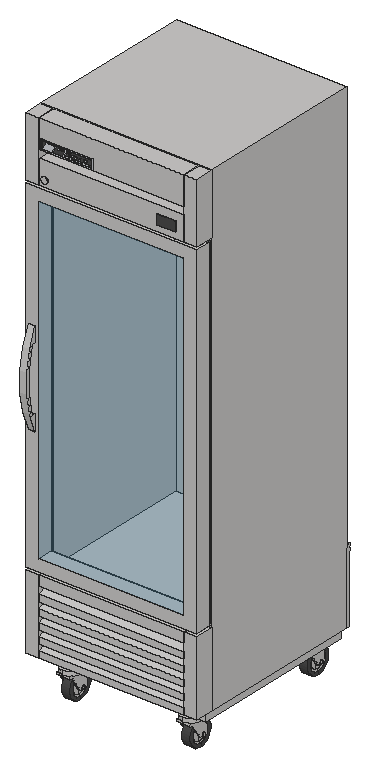
Revit family "QF_TRUE_TS-23FG-HC~FGD01", category Specialty Equipment, Revit 2015
Parameters
  Weight in Pounds = 330
  Watts = Volts * FL Amps  # 713 W
  Volts = 115 V
  URL Cutsheet = "www.truemfg.com"
  URL = "www.truemfg.com"
  Specification by User = ""
  Specification by Manufacturer = ""
  Show Clearance [instance] = yes
  Show 6 Inches Standard Legs [instance] = no
  Show 6 Inches Seismic Flanged Legs [instance] = no
  6 Inches Seismic Flanged Legs [instance] = and(Show 6 Inches Seismic Flanged Legs, not(Show 5.25 Inches Castors))  # no
  Show Logo [instance] = yes
  Serial Number = ""
  Seismic Rating = ""
  SMACNA No = ""
  Revision Code = ""
  Phase = 1
  Overall Height [instance] = Body Height + Base Height  # 83 11/16"
  Number of Poles = 1
  NAFEM Spec ID Number = ""
  Model = "TS-23FG-HC~FGD01"
  Min Ckt Ampacity = 0 A
  Max Overcurrent Protection = 0 A
  Masterspec = ""
  Manufacturer = "TRUE"
  Length = 27"
  Item Number = ""
  Installed By = ""
  Identify Quantity as Lot = yes
  Height = 83 11/16"
  HP = "3/4"
  Furnished By = ""
  Foodservice Equipment Identifier = yes
  FL Amps = 6.2 A
  Electrical Remarks = ""
  Electric Connection Type = ""
  Elec Conn RI Height = 0"
  Elec Conn Connection Height = 0"
  Description = "REACH-IN GLASS SWING DOOR STAINLESS STEEL FREEZER WITH HYDROCARBON REFRIGERANT~FRAMED GLASS DOOR VERSION 01"
  Depth = 29 3/4"
  Cycle = 60 Hz
  Conn Plug = "NEMA 5-15P"
  Conn Conduit = yes
  CSI MasterFormat = ""
  Body Height = 78 7/16"
  Base Height [instance] = if(Show 5.25 Inches Castors, 5 1/4", 6")  # 5 1/4"
  Apparent Power = 0 VA
  6 Inches Standard Legs [instance] = and(Show 6 Inches Standard Legs, not(Show 5.25 Inches Castors))  # no
  Show 5.25 Inches Castors [instance] = if(Show 6 Inches Seismic Flanged Legs, Show 6 Inches Standard Legs, not(Show 6 Inches Standard Legs))  # yes
Reference planes (in)
  plane 1 "BACK": y = 0
  plane 2: z = 0
  plane 3 "LEFT": x = 0
  plane 4 "RIGHT": x = 27
  plane 5 "FRONT": y = -29.75
  plane 6 "TOP": z = 83.6875
  plane 7 "Center Y": x = 13.5
  plane 8 "Center X": y = -14.875
  plane 9: z = 5.25
Dimensions and locks (in)
  equal spacing: plane 3 "LEFT", plane 7 "Center Y", plane 4 "RIGHT"
  "Length": plane 3 "LEFT" to plane 4 "RIGHT"
  equal spacing: plane 5 "FRONT", plane 8 "Center X", plane 1 "BACK"
  "Depth": plane 5 "FRONT" to plane 1 "BACK"
  "Overall Height": plane 6 "TOP" to level
  plane 3 "LEFT" to plane 4 "RIGHT" = 27"
  "Base Height": plane 9 to level
  "Body Height": nested 5 to plane 9
  nested 5 to plane 1 "BACK" = 15/32"
  nested 5 to nested 5 = 1 13/16"
  nested 5 to nested 5 = 32 1/32"
  aligned and locked: level to plane 2
  aligned and locked: nested 5 to plane 9
Nested families (in)
  nested 1: "CASTER-LEGS" at (4, -2.625, 0), Show 5" Casters <- "Show 5.25 Inches Castors", Show 6 Inches Legs <- "6 Inches Standard Legs", Show Siesmic Flanged <- "6 Inches Seismic Flanged Legs", type "Caster-Legs"
    with Type Mark "", Status "", Specification by User "", Show Siesmic Flanged no, Show 6" Casters no, Show 6 Inches Legs no, Show 5" Casters yes, Show 4" Casters no, Show 2.5 Standard Legs no, Show 2.5 Casters no, Revision Code "", Low Profile no, Item Number "", Installed By "", Identify Quantity as Lot yes, Furnished By "", Foodservice Equipment Identifier yes
  nested 2: "CASTER-LEGS" at (4, -25.875, 0), Show 5" Casters <- "Show 5.25 Inches Castors", Show 6 Inches Legs <- "6 Inches Standard Legs", Show Siesmic Flanged <- "6 Inches Seismic Flanged Legs", type "Caster-Legs"
    with Type Mark "", Status "", Specification by User "", Show Siesmic Flanged no, Show 6" Casters no, Show 6 Inches Legs no, Show 5" Casters yes, Show 4" Casters no, Show 2.5 Standard Legs no, Show 2.5 Casters no, Revision Code "", Low Profile no, Item Number "", Installed By "", Identify Quantity as Lot yes, Furnished By "", Foodservice Equipment Identifier yes
  nested 3: "CASTER-LEGS" at (23, -2.625, 0), Show 5" Casters <- "Show 5.25 Inches Castors", Show 6 Inches Legs <- "6 Inches Standard Legs", Show Siesmic Flanged <- "6 Inches Seismic Flanged Legs", type "Caster-Legs"
    with Type Mark "", Status "", Specification by User "", Show Siesmic Flanged no, Show 6" Casters no, Show 6 Inches Legs no, Show 5" Casters yes, Show 4" Casters no, Show 2.5 Standard Legs no, Show 2.5 Casters no, Revision Code "", Low Profile no, Item Number "", Installed By "", Identify Quantity as Lot yes, Furnished By "", Foodservice Equipment Identifier yes
  nested 4: "CASTER-LEGS" at (23, -25.875, 0), Show 5" Casters <- "Show 5.25 Inches Castors", Show 6 Inches Legs <- "6 Inches Standard Legs", Show Siesmic Flanged <- "6 Inches Seismic Flanged Legs", type "Caster-Legs"
    with Type Mark "", Status "", Specification by User "", Show Siesmic Flanged no, Show 6" Casters no, Show 6 Inches Legs no, Show 5" Casters yes, Show 4" Casters no, Show 2.5 Standard Legs no, Show 2.5 Casters no, Revision Code "", Low Profile no, Item Number "", Installed By "", Identify Quantity as Lot yes, Furnished By "", Foodservice Equipment Identifier yes
  nested 5: "TS-23-FG-HC-FGD01" at (0, 0, 0), Show Clearance <- "Show Clearance", Show Logo <- "Show Logo", type "TS-23-FG-HC-FGD01"
    with Show Logo yes, Material and Finishes QF_Metal - Stainless - Polished
Connectors (in)
  electrical at (13.5, 0.5, 14.875), driven by "Volts", driven by "Watts"
    settings: on nested 5, index 1, voltage 115 V, apparent load 713 VA, apparent load phase1 0 VA, apparent load phase2 0 VA, apparent load phase3 0 VA, power factor 1, load classification "Other", number of poles 1, system type 30, power factor state 1, is connector primary yes, connector utility no, sub classification motor no, connector description "ELECTRICAL CONNECTION"
Definition of nested family "CASTER-LEGS"
  Parameters (values of type "CASTER-LEGS")
    Weight = ""
    URL Manufacturer = ""
    URL Cutsheet = ""
    URL = ""
    Type Mark [instance] = ""
    Status [instance] = ""
    Specification by User [instance] = ""
    Specification by Manufacturer = ""
    Show Siesmic Flanged [instance] = yes
    Show 6 Inches Legs [instance] = yes
    Show 6" Casters [instance] = yes
    Show 5" Casters [instance] = yes
    Show 4" Casters [instance] = yes
    Show 2.5 Standard Legs [instance] = yes
    Show 2.5 Casters [instance] = yes
    Serial Number = ""
    Seismic Rating = ""
    SMACNA No = ""
    Revision Code [instance] = ""
    Omniclass Number and Title = ""
    NAFEM Spec ID Number = ""
    Model = ""
    MasterSpec. = ""
    Manufacturer = ""
    Low Profile [instance] = yes
    Item Number [instance] = ""
    Installed By [instance] = ""
    Identify Quantity as Lot [instance] = yes
    Furnished By [instance] = ""
    Foodservice Equipment Identifier [instance] = yes
    Description = ""
    CSI MasterFormat = ""
    CSI Master Format = ""
    Assembly Code = ""
  Reference planes (in)
    plane 1: z = 0
    plane 2 "RIGHT": x = 0
    plane 3 "FRONT": y = 0
    plane 4 "TOP": z = 6
    plane 5: z = 2.125
    plane 6: z = 2.5
    plane 7: z = 6.25
  Forms (in)
    Revolve 1, solid, visible <- "Show 6 Inches Legs"
      sketch origin (11.12172, 0, 0) x (-1, 0, 0) y (0, 0, -1)
        loop
          line (11.12172, -6) -> (11.12172, 0) -> (10.62172, 0) -> (10.62172, -1.30261) -> (10.37172, -1.30261) -> (10.37172, -6) -> (11.12172, -6)
        axis (11.12172, 0) -> (11.12172, -6)
      angle from 0 to 360
    Extrusion 2, solid, visible <- "Show Siesmic Flanged"
      sketch origin (0, 0, 0) x (1, 0, 0) y (0, 1, 0)
        loop
          circle (-0.00825, 0) r 1
      from 0 to 0.125
    Revolve 3, solid, visible <- "Show Siesmic Flanged"
      sketch origin (11.12172, 0, 0) x (-1, 0, 0) y (0, 0, -1)
        loop
          line (11.12172, -6) -> (11.12172, -0.125) -> (10.62172, -0.125) -> (10.62172, -1.30261) -> (10.37172, -1.30261) -> (10.37172, -6) -> (11.12172, -6)
        axis (11.12172, -0.125) -> (11.12172, -6)
      angle from 0 to 360
    Revolve 4, solid, visible <- "Show 2.5 Standard Legs"
      sketch origin (11.12172, 0, 0) x (-1, 0, 0) y (0, 0, -1)
        loop
          line (11.12172, -2.5) -> (11.12172, 0) -> (10.62172, 0) -> (10.62172, -0.75) -> (10.37172, -0.75) -> (10.37172, -2.5) -> (11.12172, -2.5)
        axis (11.12172, 0) -> (11.12172, -2.5)
      angle from 0 to 360
  Dimensions and locks (in)
    plane 4 "TOP" to level = 6"  (x2)
    locked: Revolve 1 sketch curve to Revolve 1 sketch curve at 1.30261
    locked: Revolve 1 sketch curve to Revolve 1 sketch curve at 0.75
    nested 1 to level = 5"
    plane 6 to plane 1 = 2 1/2"
    plane 5 to plane 1 = 2 1/8"
    plane 7 to plane 1 = 6 1/4"
    locked: Revolve 3 sketch curve to Revolve 3 sketch curve at 0.75
    aligned and locked: level to plane 1
  Nested families (in)
    nested 1: "PITCO_5 INCHES CASTER" at (0, 0, 0), Show Casters <- "Show 5" Casters", type "PITCO_5 INCHES CASTER"
      with Type Mark "", Status "", Specification by User "", Show Casters yes, Revision Code "", Item Number "", Installed By "", Identify Quantity as Lot yes, Furnished By "", Foodservice Equipment Identifier yes
    nested 2: "2.13" at (0, 0, 0), 2.5 Inches Caster <- "Low Profile", type "2.13"
      with Type Mark "", Status "", Specification by User "", Revision Code "", Item Number "", Installed By "", Identify Quantity as Lot yes, Furnished By "", Foodservice Equipment Identifier yes, 2.5 Inches Caster yes
    nested 3: "C4" at (0, 0, 0), Show 4 Inches Casters <- "Show 4" Casters", type "C4"
      with Type Mark "", Specification by User "", Show 4 Inches Casters yes, Revision Code "", Item Number "", Installed By "", Identify Quantity as Lot yes, Furnished By "", Foodservice Equipment Identifier yes
    nested 4: "6 Inches Leg & Caster" at (0, 0, 0), Show Casters <- "Show 6" Casters", type "6 Inches Leg & Caster"
      with Type Mark "", Status "", Specification by User "", Show Casters yes, Revision Code "", Item Number "", Installed By "", Identify Quantity as Lot yes, Furnished By "", Foodservice Equipment Identifier yes
    nested 5: "C2.5" at (0, -0.86941, 0), 2.5 Inches Caster <- "Show 2.5 Casters", type "C2.5"
      with Type Mark "", Status "", Specification by User "", Revision Code "", Item Number "", Installed By "", Identify Quantity as Lot yes, Furnished By "", Foodservice Equipment Identifier yes, 2.5 Inches Caster yes
  Definition of nested family "PITCO_5 INCHES CASTER"
    Parameters (values of type "PITCO_5 INCHES CASTER")
      Weight = ""
      URL Manufacturer = ""
      URL Cutsheet = ""
      URL = ""
      Type Mark [instance] = ""
      Status [instance] = ""
      Specification by User [instance] = ""
      Specification by Manufacturer = ""
      Show Casters [instance] = yes
      Rubber = none
      Chrome = none
      Serial Number = ""
      Seismic Rating = ""
      SMACNA No = ""
      Revision Code [instance] = ""
      Omniclass Number and Title = ""
      NAFEM Spec ID Number = ""
      Model = ""
      MasterSpec. = ""
      Manufacturer = ""
      Item Number [instance] = ""
      Installed By [instance] = ""
      Identify Quantity as Lot [instance] = yes
      Furnished By [instance] = ""
      Foodservice Equipment Identifier [instance] = yes
      Description = ""
      CSI MasterFormat = ""
      CSI Master Format = ""
      Assembly Code = ""
    Reference planes (in)
      plane 1: z = 0
      plane 2 "RIGHT": x = 0
      plane 3 "FRONT": y = 0
      plane 4 "TOP": z = 5
      plane 5: z = 5.0625
    Forms (in)
      Revolve 1, solid, visible <- "Show Casters"
        sketch origin (-180, 1.0625, -34.67466) x (0, 0, -1) y (-1, 0, 0)
          loop
            line (-34.67466, -180.64009) -> (-34.67466, -179.35991) -> (-35.17466, -179.35991) -> (-35.17466, -179.48491) -> (-35.42466, -179.48491) -> (-35.42466, -179.64009) -> (-36.48519, -179.60306) -> (-36.48519, -178.85852) -> (-36.5316, -178.85852) -> (-36.5316, -178.71719) -> (-36.70591, -178.71719) -> (-36.70591, -181.28281) -> (-36.5316, -181.28281) -> (-36.5316, -181.14148) -> (-36.48519, -181.14148) -> (-36.48519, -180.39694) -> (-35.42466, -180.35991) -> (-35.42466, -180.51509) -> (-35.17466, -180.51509) -> (-35.17466, -180.64009) -> (-34.67466, -180.64009)
          axis (-36.70591, -181.28281) -> (-36.70591, -178.71719)
        angle from 0 to 360
      Extrusion 2, solid, visible <- "Show Casters"
        sketch origin (0, 0, -1.11142) x (0, -1, 0) y (1, 0, 0)
          loop
            circle (0, 0) r 1.5
        from 5.61142 to 6.17392
      Extrusion 3, solid, visible <- "Show Casters"
        sketch origin (0, 0, 0.289) x (0, -1, 0) y (0, 0, 1)
          loop
            arc (0.91808, 3.59427) -> (1.13645, 3.7909) -> (1.42156, 3.86198) r 0.60732
            line (1.42156, 3.86198) -> (1.46208, 3.86198) -> (1.43155, 4.211) -> (-1.43155, 4.211)
            arc (-1.43155, 4.211) -> (-1.62474, 4.13098) -> (-1.70476, 3.93778) r 0.27322
            line (-1.70476, 3.93778) -> (-1.70476, 3.78861) -> (-1.76351, 2.11371) -> (-1.82446, 1.68005)
            arc (-1.82446, 1.68005) -> (-1.73191, 1.41127) -> (-1.46007, 1.32816) r 0.31307
            line (-1.46007, 1.32816) -> (-0.60834, 1.47835)
            arc (-0.60834, 1.47835) -> (-0.50841, 1.51771) -> (-0.43181, 1.59299) r 0.26936
            line (-0.43181, 1.59299) -> (0.91808, 3.59427)
        from 0.84601 to 1.05998
      Extrusion 4, solid, visible <- "Show Casters"
        sketch origin (0, 0, -0.82242) x (0, -1, 0) y (0, 0, -1)
          loop
            line (1.43155, -5.32242) -> (1.46208, -4.9734) -> (1.42156, -4.9734)
            arc (1.42156, -4.9734) -> (1.13645, -4.90232) -> (0.91808, -4.70569) r 0.60732
            line (0.91808, -4.70569) -> (-0.43181, -2.70441)
            arc (-0.43181, -2.70441) -> (-0.50841, -2.62913) -> (-0.60834, -2.58977) r 0.26936
            line (-0.60834, -2.58977) -> (-1.46007, -2.43958)
            arc (-1.46007, -2.43958) -> (-1.73191, -2.52269) -> (-1.82446, -2.79147) r 0.31307
            line (-1.82446, -2.79147) -> (-1.76351, -3.22513) -> (-1.70476, -4.90003) -> (-1.70476, -5.0492)
            arc (-1.70476, -5.0492) -> (-1.62474, -5.2424) -> (-1.43155, -5.32242) r 0.27322
            line (-1.43155, -5.32242) -> (1.43155, -5.32242)
        from 0.84601 to 1.05998
      Extrusion 5, solid, visible <- "Show Casters"
        sketch origin (-0.84601, 0, 0.289) x (0, 1, 0) y (0, 0, 1)
          loop
            line (1.43155, 4.211) -> (-1.43155, 4.211) -> (-1.46208, 3.86198) -> (-1.42156, 3.86198)
            arc (-1.42156, 3.86198) -> (-1.13645, 3.7909) -> (-0.91808, 3.59427) r 0.60732
            arc (-0.91808, 3.59427) -> (0.37927, 3.88135) -> (1.70476, 3.78861) r 4.63574
            line (1.70476, 3.78861) -> (1.70476, 3.93778)
            arc (1.70476, 3.93778) -> (1.62474, 4.13098) -> (1.43155, 4.211) r 0.27322
        from 0 to 1.69203
    Cuts and joins
      joined: Extrusion 3, Extrusion 4, Extrusion 5
    Lines and regions (in)
      symbolic lines, visible <- "Show Casters"
        curve 1: line (0.70901, 2.6399, 0) -> (1.79507, 2.01286, 0)
        curve 2: line (-1.79099, -1.69023, 0) -> (0.70901, 2.6399, 0)
        curve 3: line (-0.70493, -2.31727, 0) -> (-1.79099, -1.69023, 0)
        curve 4: line (1.79507, 2.01286, 0) -> (-0.70493, -2.31727, 0)
    Dimensions and locks (in)
      plane 4 "TOP" to level = 5"  (x2)
      plane 5 to level = 5 1/16"
      aligned and locked: level to plane 1
  Definition of nested family "2.13"
    Parameters
      Weight = ""
      URL Manufacturer = ""
      URL Cutsheet = ""
      URL = ""
      Type Mark [instance] = ""
      Status [instance] = ""
      Specification by User [instance] = ""
      Specification by Manufacturer = ""
      Serial Number = ""
      Seismic Rating = ""
      SMACNA No = ""
      Revision Code [instance] = ""
      Omniclass Number and Title = ""
      NAFEM Spec ID Number = ""
      Model = ""
      MasterSpec. = ""
      Manufacturer = ""
      Item Number [instance] = ""
      Installed By [instance] = ""
      Identify Quantity as Lot [instance] = yes
      Furnished By [instance] = ""
      Foodservice Equipment Identifier [instance] = yes
      Description = ""
      CSI MasterFormat = ""
      CSI Master Format = ""
      Assembly Code = ""
      2.5 Inches Caster [instance] = yes
    Reference planes (in)
      plane 1: z = 0
      plane 2 "RIGHT": x = 0
      plane 3 "FRONT": y = 0
      plane 4 "TOP": z = 2.125
    Forms (in)
      Revolve 1, solid, visible <- "2.5 Inches Caster"
        sketch origin (-1.93794, 0.83816, -1.0041) x (1, 0, 0) y (0, 0, 1)
          loop
            line (0.74055, 1.76972) -> (0.74055, 1.69422) -> (0.79055, 1.64422) -> (0.85055, 1.64422) -> (0.85055, 1.52415) -> (1.235, 1.52415) -> (1.235, 1.4568) -> (1.38673, 1.3692) -> (1.4003, 1.28535) -> (1.34375, 1.28535) -> (1.34375, 1.16035) -> (1.375, 1.16035) -> (1.375, 1.0041) -> (1.87544, 1.0041) -> (1.87544, 1.52415) -> (2.00044, 1.52415) -> (2.00044, 1.0041) -> (2.48438, 1.0041) -> (2.48438, 1.16035) -> (2.51563, 1.16035) -> (2.51563, 1.28535) -> (2.45908, 1.28535) -> (2.47322, 1.37272) -> (2.62438, 1.45999) -> (2.62438, 1.52415) -> (3.04007, 1.52415) -> (3.04007, 1.64422) -> (3.10007, 1.64422) -> (3.15007, 1.69422) -> (3.15007, 1.76972) -> (0.74055, 1.76972)
          axis (0.74055, 1.76972) -> (3.15007, 1.76972)
        angle from 0 to 360
      Extrusion 2, solid, visible <- "2.5 Inches Caster"
        sketch origin (-1.93794, 1.80294, -3.6291) x (0, 1, 0) y (0, 0, 1)
          loop
            line (-0.64294, 5.43229) -> (-0.64294, 5.55298) -> (-2.21294, 5.55298) -> (-2.21294, 5.30272) -> (-1.81966, 5.30272)
            arc (-1.81966, 5.30272) -> (-1.13638, 5.20789) -> (-0.46376, 5.05475) r 8.02767
            arc (-0.46376, 5.05475) -> (-0.19511, 4.95469) -> (0.05138, 4.80832) r 1.60049
            line (0.05138, 4.80832) -> (0.12713, 4.91318)
            arc (0.12713, 4.91318) -> (-0.07255, 5.06376) -> (-0.29048, 5.18644) r 1.8753
            line (-0.29048, 5.18644) -> (-0.22239, 5.30423)
            arc (-0.22239, 5.30423) -> (-0.42776, 5.38437) -> (-0.64294, 5.43229) r 1.44292
        from 1.17357 to 2.70231
      Revolve 3, solid, visible <- "2.5 Inches Caster"
        sketch origin (0, 2.10856, -4.125) x (0, 1, 0) y (0, 0, 1)
          loop
            line (-1.73858, 6.25) -> (-1.73858, 6.04889) -> (-1.05793, 6.04889) -> (-1.05793, 6.25) -> (-1.73858, 6.25)
          axis (-1.73858, 6.04889) -> (-1.73858, 6.25)
        angle from 0 to 360
      Extrusion 4, solid, visible <- "2.5 Inches Caster"
        sketch origin (-1.98481, 1.80294, -2.1291) x (0, 1, 0) y (0, 0, 1)
          loop
            line (-2.21294, 4.05298) -> (-2.21294, 3.80272) -> (-2.13999, 3.80272)
            arc (-2.13999, 3.80272) -> (-1.62379, 3.51899) -> (-1.39241, 2.97729) r 0.90292
            arc (-1.39241, 2.97729) -> (-1.36136, 2.78161) -> (-1.29729, 2.59413) r 1.15385
            arc (-1.29729, 2.59413) -> (-0.94802, 2.37355) -> (-0.6121, 2.61396) r 0.37001
            arc (-0.6121, 2.61396) -> (-0.59625, 2.66241) -> (-0.58446, 2.712) r 0.61695
            arc (-0.58446, 2.712) -> (-0.36134, 3.11665) -> (0.05609, 3.31484) r 0.75313
            line (0.05609, 3.31484) -> (0.12713, 3.41318)
            arc (0.12713, 3.41318) -> (-0.07255, 3.56376) -> (-0.29048, 3.68644) r 1.8753
            line (-0.29048, 3.68644) -> (-0.22239, 3.80423)
            arc (-0.22239, 3.80423) -> (-0.42776, 3.88437) -> (-0.64294, 3.93229) r 1.44292
            line (-0.64294, 3.93229) -> (-0.64294, 4.05298) -> (-2.21294, 4.05298)
        from 2.74918 to 2.90825
      Extrusion 5, solid, visible <- "2.5 Inches Caster"
        sketch origin (1.98481, 1.80294, -2.1291) x (0, 1, 0) y (0, 0, -1)
          loop
            line (-2.21294, -4.05298) -> (-0.64294, -4.05298) -> (-0.64294, -3.93229)
            arc (-0.64294, -3.93229) -> (-0.42776, -3.88437) -> (-0.22239, -3.80423) r 1.44292
            line (-0.22239, -3.80423) -> (-0.29048, -3.68644)
            arc (-0.29048, -3.68644) -> (-0.07255, -3.56376) -> (0.12713, -3.41318) r 1.8753
            line (0.12713, -3.41318) -> (0.05609, -3.31484)
            arc (0.05609, -3.31484) -> (-0.36134, -3.11665) -> (-0.58446, -2.712) r 0.75313
            arc (-0.58446, -2.712) -> (-0.59625, -2.66241) -> (-0.6121, -2.61396) r 0.61695
            arc (-0.6121, -2.61396) -> (-0.94802, -2.37355) -> (-1.29729, -2.59413) r 0.37001
            arc (-1.29729, -2.59413) -> (-1.36136, -2.78161) -> (-1.39241, -2.97729) r 1.15385
            arc (-1.39241, -2.97729) -> (-1.62379, -3.51899) -> (-2.13999, -3.80272) r 0.90292
            line (-2.13999, -3.80272) -> (-2.21294, -3.80272) -> (-2.21294, -4.05298)
        from 2.74918 to 2.90825
    Lines and regions (in)
      symbolic lines, visible <- "2.5 Inches Caster"
        curve 1: line (0.10651, 1.27186, 0) -> (0.80944, 0.86603, 0)
        curve 2: line (-0.89349, -0.46019, 0) -> (0.10651, 1.27186, 0)
        curve 3: line (-0.19056, -0.86603, 0) -> (-0.89349, -0.46019, 0)
        curve 4: line (0.80944, 0.86603, 0) -> (-0.19056, -0.86603, 0)
    Dimensions and locks (in)
      plane 4 "TOP" to level = 2 1/8"  (x2)
      aligned and locked: level to plane 1
  Definition of nested family "C4"
    Parameters
      Weight = ""
      URL Manufacturer = ""
      URL Cutsheet = ""
      URL = ""
      Type Mark [instance] = ""
      Specification by User [instance] = ""
      Specification by Manufacturer = ""
      Show 4 Inches Casters [instance] = yes
      Serial Number = ""
      Seismic Rating = ""
      SMACNA No = ""
      Revision Code [instance] = ""
      Omniclass Number and Title = ""
      NAFEM Spec ID Number = ""
      Model = ""
      MasterSpec. = ""
      Manufacturer = ""
      Item Number [instance] = ""
      Installed By [instance] = ""
      Identify Quantity as Lot [instance] = yes
      Furnished By [instance] = ""
      Foodservice Equipment Identifier [instance] = yes
      Description = ""
      CSI MasterFormat = ""
      CSI Master Format = ""
      Assembly Code = ""
    Reference planes (in)
      plane 1: z = 0
      plane 2 "RIGHT": x = 0
      plane 3 "FRONT": y = 0
      plane 4 "TOP": z = 4
    Forms (in)
      Revolve 1, solid, visible <- "Show 4 Inches Casters"
        sketch origin (-1.93794, 0.83816, -1.0041) x (1, 0, 0) y (0, 0, 1)
          loop
            line (0.74055, 2.5041) -> (3.15007, 2.5041) -> (3.15007, 2.5796) -> (3.10007, 2.6296) -> (3.04007, 2.6296) -> (3.04007, 2.74967) -> (2.62438, 2.74967) -> (2.62438, 2.93884) -> (2.48438, 3.01967) -> (2.45908, 3.17597) -> (2.51563, 3.17597) -> (2.51563, 3.41035) -> (2.48438, 3.41035) -> (2.48438, 4.0041) -> (1.375, 4.0041) -> (1.375, 3.41035) -> (1.34375, 3.41035) -> (1.34375, 3.17597) -> (1.4003, 3.17597) -> (1.37557, 3.02318) -> (1.235, 2.94202) -> (1.235, 2.74967) -> (0.85055, 2.74967) -> (0.85055, 2.6296) -> (0.79055, 2.6296) -> (0.74055, 2.5796) -> (0.74055, 2.5041)
          axis (0.74055, 2.5041) -> (3.15007, 2.5041)
        angle from 0 to 360
      Extrusion 2, solid, visible <- "Show 4 Inches Casters"
        sketch origin (-1.93794, 1.80294, -1.7541) x (0, 1, 0) y (0, 0, 1)
          loop
            line (-3.08794, 5.33423) -> (-3.08794, 5.00584) -> (-2.69466, 5.00584)
            arc (-2.69466, 5.00584) -> (-1.57175, 4.94895) -> (-0.46376, 4.75787) r 9.36411
            arc (-0.46376, 4.75787) -> (-0.05889, 4.58436) -> (0.28335, 4.30705) r 1.60049
            line (0.28335, 4.30705) -> (0.34449, 4.39437)
            arc (0.34449, 4.39437) -> (0.12713, 4.6163) -> (-0.1239, 4.79931) r 1.8753
            line (-0.1239, 4.79931) -> (-0.05749, 4.91421)
            arc (-0.05749, 4.91421) -> (-0.33807, 5.05694) -> (-0.64294, 5.13542) r 1.44292
            line (-0.64294, 5.13542) -> (-0.64294, 5.33423) -> (-3.08794, 5.33423)
        from 1.1267 to 2.74918
      Revolve 3, solid, visible <- "Show 4 Inches Casters"
        sketch origin (0, 2.15543, -2.25) x (0, 1, 0) y (0, 0, 1)
          loop
            line (-2.21793, 6.25) -> (-2.21793, 5.83014) -> (-1.05793, 5.83014) -> (-1.05793, 6.25) -> (-2.21793, 6.25)
          axis (-2.21793, 5.83014) -> (-2.21793, 6.25)
        angle from 0 to 360
      Extrusion 4, solid, visible <- "Show 4 Inches Casters"
        sketch origin (-1.93794, 1.80294, -1.7541) x (0, 1, 0) y (0, 0, 1)
          loop
            line (-3.08794, 5.33423) -> (-3.08794, 5.00584) -> (-2.8913, 5.00584)
            arc (-2.8913, 5.00584) -> (-2.09118, 4.14057) -> (-1.45681, 3.14736) r 6.63355
            arc (-1.45681, 3.14736) -> (-0.85703, 2.75969) -> (-0.4561, 3.35069) r 0.5107
            arc (-0.4561, 3.35069) -> (-0.27092, 3.92503) -> (0.24034, 4.24562) r 0.88136
            line (0.24034, 4.24562) -> (0.34449, 4.39437)
            arc (0.34449, 4.39437) -> (0.12713, 4.6163) -> (-0.1239, 4.79931) r 1.8753
            line (-0.1239, 4.79931) -> (-0.05749, 4.91421)
            arc (-0.05749, 4.91421) -> (-0.33807, 5.05694) -> (-0.64294, 5.13542) r 1.44292
            line (-0.64294, 5.13542) -> (-0.64294, 5.33423) -> (-3.08794, 5.33423)
        from 2.74918 to 2.90825
      Extrusion 5, solid, visible <- "Show 4 Inches Casters"
        sketch origin (1.93794, 1.80294, -1.7541) x (0, 1, 0) y (0, 0, -1)
          loop
            line (-3.08794, -5.33423) -> (-0.64294, -5.33423) -> (-0.64294, -5.13542)
            arc (-0.64294, -5.13542) -> (-0.33807, -5.05694) -> (-0.05749, -4.91421) r 1.44292
            line (-0.05749, -4.91421) -> (-0.1239, -4.79931)
            arc (-0.1239, -4.79931) -> (0.12713, -4.6163) -> (0.34449, -4.39437) r 1.8753
            line (0.34449, -4.39437) -> (0.24034, -4.24562)
            arc (0.24034, -4.24562) -> (-0.27092, -3.92503) -> (-0.4561, -3.35069) r 0.88136
            arc (-0.4561, -3.35069) -> (-0.85703, -2.75969) -> (-1.45681, -3.14736) r 0.5107
            arc (-1.45681, -3.14736) -> (-2.09118, -4.14057) -> (-2.8913, -5.00584) r 6.63355
            line (-2.8913, -5.00584) -> (-3.08794, -5.00584) -> (-3.08794, -5.33423)
        from 2.74918 to 2.90825
    Cuts and joins
      joined: Extrusion 2, Extrusion 4, Extrusion 5
    Lines and regions (in)
      symbolic lines, visible <- "Show 4 Inches Casters"
        curve 1: line (0.28481, 1.83041, 0) -> (1.24556, 1.27572, 0)
        curve 2: line (-1.26206, -0.84886, 0) -> (0.28481, 1.83041, 0)
        curve 3: line (-0.30132, -1.40355, 0) -> (-1.26206, -0.84886, 0)
        curve 4: line (1.24556, 1.27572, 0) -> (-0.30132, -1.40355, 0)
    Dimensions and locks (in)
      plane 4 "TOP" to level = 4"  (x2)
      aligned and locked: level to plane 1
  Definition of nested family "6 Inches Leg & Caster"
    Parameters
      Weight = ""
      URL Manufacturer = ""
      URL Cutsheet = ""
      URL = ""
      Type Mark [instance] = ""
      Status [instance] = ""
      Specification by User [instance] = ""
      Specification by Manufacturer = ""
      Show Casters [instance] = yes
      Serial Number = ""
      Seismic Rating = ""
      SMACNA No = ""
      Revision Code [instance] = ""
      Omniclass Number and Title = ""
      NAFEM Spec ID Number = ""
      Model = ""
      MasterSpec. = ""
      Manufacturer = ""
      Item Number [instance] = ""
      Installed By [instance] = ""
      Identify Quantity as Lot [instance] = yes
      Furnished By [instance] = ""
      Foodservice Equipment Identifier [instance] = yes
      Description = ""
      CSI MasterFormat = ""
      CSI Master Format = ""
    Reference planes (in)
      plane 1 "BACK": y = 0
      plane 2: z = 0
      plane 3 "LEFT": x = 0
      plane 4 "RIGHT": x = 0
      plane 5 "FRONT": y = 0
      plane 6 "TOP": z = 6.25
    Forms (in)
      Revolve 1, solid, visible <- "Show Casters"
        sketch origin (-2.21793, 0, -0.25) x (-1, 0, 0) y (0, 0, 1)
          loop
            line (-2.21793, 6) -> (-2.21793, 5.55584) -> (-0.93693, 5.55584) -> (-0.93693, 6) -> (-2.21793, 6)
          axis (-2.21793, 5.55584) -> (-2.21793, 6)
        angle from 0 to 360
      Extrusion 2, solid, visible <- "Show Casters"
        sketch origin (0.25594, 2.21793, -0.1875) x (0, 1, 0) y (0, 0, 1)
          loop
            line (-3.37793, 5.49334) -> (-3.37793, 5.24334) -> (-1.63015, 2.08504)
            arc (-1.63015, 2.08504) -> (-0.63555, 1.74359) -> (-0.1951, 2.69848) r 0.78437
            line (-0.1951, 2.69848) -> (-1.06726, 5.49334) -> (-3.37793, 5.49334)
        from 0.78968 to 0.90247
      Extrusion 3, solid, visible <- "Show Casters"
        sketch origin (0, 0, 5.75) x (0, 1, 0) y (-1, 0, 0)
          loop
            circle (0, 0) r 0.75
        from 0 to 0.5
      Extrusion 4, solid, visible <- "Show Casters"
        sketch origin (-0.25594, 2.21793, -0.1875) x (0, 1, 0) y (0, 0, -1)
          loop
            line (-3.37793, -5.49334) -> (-1.06726, -5.49334) -> (-0.1951, -2.69848)
            arc (-0.1951, -2.69848) -> (-0.63555, -1.74359) -> (-1.63015, -2.08504) r 0.78437
            line (-1.63015, -2.08504) -> (-3.37793, -5.24334) -> (-3.37793, -5.49334)
        from 0.78968 to 0.90247
      Extrusion 5, solid, visible <- "Show Casters"
        sketch origin (0, 0, 0.75) x (0, 1, 0) y (0, 0, 1)
          loop
            line (-1.16, 4.55584) -> (-1.16, 4.30584) -> (1.15067, 4.30584) -> (1.15067, 4.55584) -> (-1.16, 4.55584)
        from -1.04562 to 1.04562
      Revolve 6, solid, visible <- "Show Casters"
        sketch origin (-1.9375, 1.23015, -0.12802) x (1, 0, 0) y (0, 0, 1)
          loop
            line (0.5843, 2.5041) -> (0.5843, 2.3661) -> (0.6343, 2.3161) -> (0.6943, 2.3161) -> (0.6943, 2.1804) -> (1.1725, 2.1804) -> (1.1725, 1.78493) -> (1.31307, 1.70377) -> (1.42647, 1.00302) -> (1.28125, 1.00302) -> (1.28125, 0.75302) -> (1.3125, 0.75302) -> (1.3125, 0.50302)
            arc (1.3125, 0.50302) -> (1.42233, 0.23785) -> (1.6875, 0.12802) r 0.375
            line (1.6875, 0.12802) -> (2.1875, 0.12802)
            arc (2.1875, 0.12802) -> (2.45267, 0.23785) -> (2.5625, 0.50302) r 0.375
            line (2.5625, 0.50302) -> (2.5625, 0.75302) -> (2.59375, 0.75302) -> (2.59375, 1.00302) -> (2.44853, 1.00302) -> (2.5625, 1.70728) -> (2.7025, 1.78811) -> (2.7025, 2.1804) -> (3.1807, 2.1804) -> (3.1807, 2.3161) -> (3.2407, 2.3161) -> (3.2907, 2.3661) -> (3.2907, 2.5041) -> (0.5843, 2.5041)
          axis (0.5843, 2.5041) -> (3.2907, 2.5041)
        angle from 0 to 360
    Cuts and joins
      joined: Extrusion 2, Extrusion 4, Extrusion 5
    Lines and regions (in)
      symbolic lines, visible <- "Show Casters"
        curve 1: line (0.46086, 2.04455, 0) -> (1.54339, 1.41955, 0)
        curve 2: line (-1.53914, -1.41955, 0) -> (0.46086, 2.04455, 0)
        curve 3: line (-0.45661, -2.04455, 0) -> (-1.53914, -1.41955, 0)
        curve 4: line (1.54339, 1.41955, 0) -> (-0.45661, -2.04455, 0)
    Dimensions and locks (in)
      plane 6 "TOP" to level = 6 1/4"  (x2)
      aligned and locked: level to plane 2
  Definition of nested family "C2.5"
    Parameters
      Weight = ""
      URL Manufacturer = ""
      URL Cutsheet = ""
      URL = ""
      Type Mark [instance] = ""
      Status [instance] = ""
      Specification by User [instance] = ""
      Specification by Manufacturer = ""
      Serial Number = ""
      Seismic Rating = ""
      SMACNA No = ""
      Revision Code [instance] = ""
      Omniclass Number and Title = ""
      NAFEM Spec ID Number = ""
      Model = ""
      MasterSpec. = ""
      Manufacturer = ""
      Item Number [instance] = ""
      Installed By [instance] = ""
      Identify Quantity as Lot [instance] = yes
      Furnished By [instance] = ""
      Foodservice Equipment Identifier [instance] = yes
      Description = ""
      CSI MasterFormat = ""
      CSI Master Format = ""
      Assembly Code = ""
      2.5 Inches Caster [instance] = yes
    Reference planes (in)
      plane 1: z = 0
      plane 2 "RIGHT": x = 0
      plane 3 "FRONT": y = 0
      plane 4 "TOP": z = 2.5
    Forms (in)
      Revolve 1, solid, visible <- "2.5 Inches Caster"
        sketch origin (-1.93794, 0.83816, -1.0041) x (1, 0, 0) y (0, 0, 1)
          loop
            line (0.74055, 1.92597) -> (0.74055, 1.85047) -> (0.79055, 1.80047) -> (0.85055, 1.80047) -> (0.85055, 1.6804) -> (1.235, 1.6804) -> (1.235, 1.61305) -> (1.38673, 1.52545) -> (1.4003, 1.4416) -> (1.34375, 1.4416) -> (1.34375, 1.3166) -> (1.375, 1.3166) -> (1.375, 1.0041) -> (2.48438, 1.0041) -> (2.48438, 1.3166) -> (2.51563, 1.3166) -> (2.51563, 1.4416) -> (2.45908, 1.4416) -> (2.47322, 1.52897) -> (2.62438, 1.61624) -> (2.62438, 1.6804) -> (3.04007, 1.6804) -> (3.04007, 1.80047) -> (3.10007, 1.80047) -> (3.15007, 1.85047) -> (3.15007, 1.92597) -> (0.74055, 1.92597)
          axis (0.74055, 1.92597) -> (3.15007, 1.92597)
        angle from 0 to 360
      Extrusion 2, solid, visible <- "2.5 Inches Caster"
        sketch origin (-1.93794, 1.80294, -3.2541) x (0, 1, 0) y (0, 0, 1)
          loop
            line (-0.64294, 5.43229) -> (-0.64294, 5.55298) -> (-2.21294, 5.55298) -> (-2.21294, 5.30272) -> (-1.81966, 5.30272)
            arc (-1.81966, 5.30272) -> (-1.13638, 5.20789) -> (-0.46376, 5.05475) r 8.02767
            arc (-0.46376, 5.05475) -> (-0.19511, 4.95469) -> (0.05138, 4.80832) r 1.60049
            line (0.05138, 4.80832) -> (0.12713, 4.91318)
            arc (0.12713, 4.91318) -> (-0.07255, 5.06376) -> (-0.29048, 5.18644) r 1.8753
            line (-0.29048, 5.18644) -> (-0.22239, 5.30423)
            arc (-0.22239, 5.30423) -> (-0.42776, 5.38437) -> (-0.64294, 5.43229) r 1.44292
        from 1.17357 to 2.70231
      Revolve 3, solid, visible <- "2.5 Inches Caster"
        sketch origin (0, 2.10856, -3.75) x (0, 1, 0) y (0, 0, 1)
          loop
            line (-1.73858, 6.25) -> (-1.73858, 6.04889) -> (-1.05793, 6.04889) -> (-1.05793, 6.25) -> (-1.73858, 6.25)
          axis (-1.73858, 6.04889) -> (-1.73858, 6.25)
        angle from 0 to 360
      Extrusion 4, solid, visible <- "2.5 Inches Caster"
        sketch origin (-1.98481, 1.80294, -1.7541) x (0, 1, 0) y (0, 0, 1)
          loop
            line (-2.21294, 4.05298) -> (-2.21294, 3.80272) -> (-2.13999, 3.80272)
            arc (-2.13999, 3.80272) -> (-1.62379, 3.51899) -> (-1.39241, 2.97729) r 0.90292
            arc (-1.39241, 2.97729) -> (-1.36136, 2.78161) -> (-1.29729, 2.59413) r 1.15385
            arc (-1.29729, 2.59413) -> (-0.94802, 2.37355) -> (-0.6121, 2.61396) r 0.37001
            arc (-0.6121, 2.61396) -> (-0.59625, 2.66241) -> (-0.58446, 2.712) r 0.61695
            arc (-0.58446, 2.712) -> (-0.36134, 3.11665) -> (0.05609, 3.31484) r 0.75313
            line (0.05609, 3.31484) -> (0.12713, 3.41318)
            arc (0.12713, 3.41318) -> (-0.07255, 3.56376) -> (-0.29048, 3.68644) r 1.8753
            line (-0.29048, 3.68644) -> (-0.22239, 3.80423)
            arc (-0.22239, 3.80423) -> (-0.42776, 3.88437) -> (-0.64294, 3.93229) r 1.44292
            line (-0.64294, 3.93229) -> (-0.64294, 4.05298) -> (-2.21294, 4.05298)
        from 2.74918 to 2.90825
      Extrusion 5, solid, visible <- "2.5 Inches Caster"
        sketch origin (1.98481, 1.80294, -1.7541) x (0, 1, 0) y (0, 0, -1)
          loop
            line (-2.21294, -4.05298) -> (-0.64294, -4.05298) -> (-0.64294, -3.93229)
            arc (-0.64294, -3.93229) -> (-0.42776, -3.88437) -> (-0.22239, -3.80423) r 1.44292
            line (-0.22239, -3.80423) -> (-0.29048, -3.68644)
            arc (-0.29048, -3.68644) -> (-0.07255, -3.56376) -> (0.12713, -3.41318) r 1.8753
            line (0.12713, -3.41318) -> (0.05609, -3.31484)
            arc (0.05609, -3.31484) -> (-0.36134, -3.11665) -> (-0.58446, -2.712) r 0.75313
            arc (-0.58446, -2.712) -> (-0.59625, -2.66241) -> (-0.6121, -2.61396) r 0.61695
            arc (-0.6121, -2.61396) -> (-0.94802, -2.37355) -> (-1.29729, -2.59413) r 0.37001
            arc (-1.29729, -2.59413) -> (-1.36136, -2.78161) -> (-1.39241, -2.97729) r 1.15385
            arc (-1.39241, -2.97729) -> (-1.62379, -3.51899) -> (-2.13999, -3.80272) r 0.90292
            line (-2.13999, -3.80272) -> (-2.21294, -3.80272) -> (-2.21294, -4.05298)
        from 2.74918 to 2.90825
    Lines and regions (in)
      symbolic lines, visible <- "2.5 Inches Caster"
        curve 1: line (0.10651, 1.96132, 0) -> (0.80944, 1.55548, 0)
        curve 2: line (-0.89349, 0.22927, 0) -> (0.10651, 1.96132, 0)
        curve 3: line (-0.19056, -0.17657, 0) -> (-0.89349, 0.22927, 0)
        curve 4: line (0.80944, 1.55548, 0) -> (-0.19056, -0.17657, 0)
    Dimensions and locks (in)
      plane 4 "TOP" to level = 2 1/2"  (x2)
      aligned and locked: level to plane 1
Definition of nested family "TS-23-FG-HC-FGD01"
  Parameters (values of type "TS-23-FG-HC-FGD01")
    Weight in Pounds = 0
    URL Cutsheet = ""
    Specification by User = ""
    Specification by Manufacturer = ""
    Show Logo [instance] = yes
    Show Clearance [instance] = yes
    Serial Number = ""
    Seismic Rating = ""
    SMACNA No = ""
    Revision Code = ""
    NAFEM Spec ID Number = ""
    Material and Finishes [instance] = none
    Masterspec = ""
    Item Number = ""
    Installed By = ""
    Identify Quantity as Lot = yes
    Furnished By = ""
    Foodservice Equipment Identifier = yes
    CSI MasterFormat = ""
  Reference planes (in)
    plane 1 "BACK": y = 0
    plane 2: z = 0
    plane 3 "LEFT": x = 0
    plane 4 "RIGHT": x = 27
    plane 5 "FRONT": y = -29.75
    plane 6 "TOP": z = 83.6875
    plane 7 "Center Y": x = 13.5
    plane 8 "Center X": y = -14.875
    plane 9: z = 5.25
    plane 10: z = 19.1875
    plane 11: z = 18.875
    plane 12: y = 0.46875
    plane 13: y = -31.5625
    plane 14: z = 54.0625
    plane 15: z = 39.0625
    plane 16: z = 53.75
    plane 17: z = 38.75
    plane 18: y = -55.5
    plane 19: y = -55.5625
    plane 20: y = -55.5
  Forms (in)
    Extrusion 1, solid, material <- "Material and Finishes"
      sketch origin (-5.09019, 0.125, 48.3125) x (-1, 0, 0) y (0, 0, 1)
        loop
          line (-5.09019, 35.375) -> (-7.09019, 35.375) -> (-7.09019, -41.125) -> (-5.09019, -41.125) -> (-5.09019, 35.375)
      from -0.125 to -26.875
    Extrusion 2, solid, material <- "Material and Finishes"
      sketch origin (2, -26.75, 83.6875) x (0, 0, -1) y (0, 1, 0)
        loop
          line (0, -3) -> (4.5, -3) -> (5.75, -0.19245) -> (5.75, -3) -> (9.5, -3) -> (9.5, 0) -> (0, 0) -> (0, -3)
        loop
          line (64.75, -3) -> (66.25, -3) -> (66.25, -0.43712) -> (67.5, -3) -> (68.5, -3) -> (68.5, -0.9497) -> (69.5, -3) -> (70.5, -3) -> (70.5, -0.9497) -> (71.5, -3) -> (72.5, -3) -> (72.5, -0.9497) -> (73.5, -3) -> (74.5, -3) -> (74.5, -0.9497) -> (75.5, -3) -> (76.5, -3) -> (76.5, 0) -> (64.75, 0) -> (64.75, -3)
      from 0 to 23
    Extrusion 3, solid
      sketch origin (-5.09019, -29.75, 48.3125) x (1, 0, 0) y (0, 0, 1)
        loop
          line (7.09019, -27.125) -> (30.09019, -27.125) -> (30.09019, 23.625) -> (7.09019, 23.625) -> (7.09019, -27.125)
      from 0 to -0.125
    Extrusion 4, solid
      sketch origin (2, -29.75, 77.9375) x (0, 0, -1) y (1, 0, 0)
        loop
          circle (2.77758, 1) r 0.5
      from 0 to 0.0625
    Extrusion 5, solid, visible <- "Show Clearance", detail levels coarse
      sketch origin (0, -26.75, 46.8125) x (0, -1, 0) y (-1, 0, 0)
        loop
          arc (3, -27) -> (21.19937, -18.57788) -> (28.75, 0) r 27.32897
          line (28.75, 0) -> (3, 0) -> (3, -27)
      from 27.375 to -26.875
    Extrusion 6, solid, material <- "Material and Finishes"
      sketch origin (0, 0.125, 82.6875) x (0, 0, 1) y (0, 1, 0)
        loop
          line (-75.5, -0.125) -> (-63.92678, -0.125) -> (-63.92678, 0.02319) -> (-63.75, 0.19996) -> (-63.75, 0.34375) -> (-64.09324, 0.34375) -> (-64.09324, 0.25) -> (-64.47374, 0.25) -> (-64.47374, 0.34375) -> (-64.81856, 0.34375) -> (-64.81856, 0.25) -> (-75.5, 0.25) -> (-75.5, -0.125)
      from 0 to -27
    Extrusion 7, solid, material <- "Material and Finishes"
      sketch origin (2, 0.125, 83.6875) x (0, 0, -1) y (0, 1, 0)
        loop
          line (0, -0.125) -> (0, -26.875) -> (2, -26.875) -> (2, -2.75) -> (64.75, -2.75) -> (64.75, -26.875) -> (76.5, -26.875) -> (76.5, -0.125) -> (0, -0.125)
      from 0 to 23
    Extrusion 8, solid, material <- "Material and Finishes"
      sketch origin (-5.09019, -26.75, 48.3125) x (1, 0, 0) y (0, 0, 1)
        loop
          line (32.09019, 25.375) -> (5.09019, 25.375) -> (5.09019, -28.875) -> (32.09019, -28.875) -> (32.09019, 25.375)
        loop
          line (30.09019, 23.625) -> (7.09019, 23.625) -> (7.09019, -27.125) -> (30.09019, -27.125) -> (30.09019, 23.625)
      from 0.5 to 3
    Extrusion 9, solid, material <- "Material and Finishes"
      sketch origin (2, -26.75, 83.6875) x (0, 0, -1) y (0, 1, 0)
        loop
          line (0, -3) -> (9.5, -3) -> (9.5, 0) -> (0, 0) -> (0, -3)
        loop
          line (64.75, -3) -> (76.5, -3) -> (76.5, 0) -> (64.75, 0) -> (64.75, -3)
      from 0 to -2
    Extrusion 10, solid
      sketch origin (-5.09019, -26.75, 48.3125) x (1, 0, 0) y (0, 0, 1)
        loop
          line (5.34019, -28.74634) -> (31.84019, -28.74634) -> (31.84019, 25.24634) -> (5.34019, 25.24634) -> (5.34019, -28.74634)
        loop
          line (6.84019, 23.875) -> (6.84019, -27.375) -> (30.34019, -27.375) -> (30.34019, 23.875) -> (6.84019, 23.875)
      from 0 to 0.5
    Extrusion 11, solid, material <- "Material and Finishes", not visible
      sketch origin (-5.09019, 0.0625, 48) x (-1, 0, 0) y (0, 0, 1)
        loop
          line (-5.09019, 35.375) -> (-7.09019, 35.375) -> (-7.09019, -41.125) -> (-5.09019, -41.125) -> (-5.09019, 35.375)
      from -0.125 to -26.875
    Extrusion 12, solid, material <- "Material and Finishes", not visible
      sketch origin (2, -26.8125, 83.375) x (0, 0, -1) y (0, 1, 0)
        loop
          line (0, -3) -> (4.5, -3) -> (5.75, -0.19245) -> (5.75, -3) -> (9.5, -3) -> (9.5, 0) -> (0, 0) -> (0, -3)
        loop
          line (64.75, -3) -> (66.25, -3) -> (66.25, -0.43712) -> (67.5, -3) -> (68.5, -3) -> (68.5, -0.9497) -> (69.5, -3) -> (70.5, -3) -> (70.5, -0.9497) -> (71.5, -3) -> (72.5, -3) -> (72.5, -0.9497) -> (73.5, -3) -> (74.5, -3) -> (74.5, -0.9497) -> (75.5, -3) -> (76.5, -3) -> (76.5, 0) -> (64.75, 0) -> (64.75, -3)
      from 0 to 23
    Extrusion 13, solid, not visible
      sketch origin (-5.09019, -29.8125, 48) x (1, 0, 0) y (0, 0, 1)
        loop
          line (7.09019, -27.125) -> (30.09019, -27.125) -> (30.09019, 23.625) -> (7.09019, 23.625) -> (7.09019, -27.125)
      from 0 to -0.125
    Extrusion 14, solid, not visible
      sketch origin (2, -29.8125, 77.625) x (0, 0, -1) y (1, 0, 0)
        loop
          circle (2.77758, 1) r 0.5
      from 0 to 0.0625
    Extrusion 15, solid, visible <- "Show Clearance", not visible, detail levels coarse
      sketch origin (0, -26.8125, 46.5) x (0, -1, 0) y (-1, 0, 0)
        loop
          arc (3, -27) -> (21.19937, -18.57788) -> (28.75, 0) r 27.32897
          line (28.75, 0) -> (3, 0) -> (3, -27)
      from 27.375 to -26.875
    Extrusion 16, solid, material <- "Material and Finishes", not visible
      sketch origin (0, 0.0625, 82.375) x (0, 0, 1) y (0, 1, 0)
        loop
          line (-75.5, -0.125) -> (-63.92678, -0.125) -> (-63.92678, 0.02319) -> (-63.75, 0.19996) -> (-63.75, 0.34375) -> (-64.09324, 0.34375) -> (-64.09324, 0.25) -> (-64.47374, 0.25) -> (-64.47374, 0.34375) -> (-64.81856, 0.34375) -> (-64.81856, 0.25) -> (-75.5, 0.25) -> (-75.5, -0.125)
      from 0 to -27
    Extrusion 17, solid, material <- "Material and Finishes", not visible
      sketch origin (2, 0.0625, 83.375) x (0, 0, -1) y (0, 1, 0)
        loop
          line (0, -0.125) -> (0, -26.875) -> (2, -26.875) -> (2, -2.75) -> (64.75, -2.75) -> (64.75, -26.875) -> (76.5, -26.875) -> (76.5, -0.125) -> (0, -0.125)
      from 0 to 23
    Extrusion 18, solid, material <- "Material and Finishes", not visible
      sketch origin (-5.09019, -26.8125, 48) x (1, 0, 0) y (0, 0, 1)
        loop
          line (32.09019, 25.375) -> (5.09019, 25.375) -> (5.09019, -28.875) -> (32.09019, -28.875) -> (32.09019, 25.375)
        loop
          line (30.09019, 23.625) -> (7.09019, 23.625) -> (7.09019, -27.125) -> (30.09019, -27.125) -> (30.09019, 23.625)
      from 0.5 to 3
    Extrusion 19, solid, material <- "Material and Finishes", not visible
      sketch origin (2, -26.8125, 83.375) x (0, 0, -1) y (0, 1, 0)
        loop
          line (0, -3) -> (9.5, -3) -> (9.5, 0) -> (0, 0) -> (0, -3)
        loop
          line (64.75, -3) -> (76.5, -3) -> (76.5, 0) -> (64.75, 0) -> (64.75, -3)
      from 0 to -2
    Extrusion 20, solid, not visible
      sketch origin (-5.09019, -26.8125, 48) x (1, 0, 0) y (0, 0, 1)
        loop
          line (5.34019, -28.74634) -> (31.84019, -28.74634) -> (31.84019, 25.24634) -> (5.34019, 25.24634) -> (5.34019, -28.74634)
        loop
          line (6.84019, 23.875) -> (6.84019, -27.375) -> (30.34019, -27.375) -> (30.34019, 23.875) -> (6.84019, 23.875)
      from 0 to 0.5
    Extrusion 21, solid, material <- "Material and Finishes"
      sketch origin (0, -29.75, 0) x (1, 0, 0) y (0, 0, 1)
        loop
          line (1, 7.1875) -> (1, 5.25) -> (26, 5.25) -> (26, 7.1875) -> (1, 7.1875)
      from -29.75 to -3
    Extrusion 22, solid, material <- "Material and Finishes", not visible
      sketch origin (0, -29.8125, -0.3125) x (1, 0, 0) y (0, 0, 1)
        loop
          line (1, 7.1875) -> (1, 5.25) -> (26, 5.25) -> (26, 7.1875) -> (1, 7.1875)
      from -29.75 to -3
    Extrusion 23, solid, material <- "Material and Finishes"
      sketch origin (26.94851, 0.0625, -13.5) x (0, 1, 0) y (0, 0, -1)
        loop
          line (-29.8125, -67.5625) -> (-29.8125, -65.0625) -> (-30.42214, -65.0625)
          arc (-30.42214, -65.0625) -> (-31.09791, -60.0625) -> (-30.42214, -55.0625) r 18.83534
          line (-30.42214, -55.0625) -> (-29.8125, -55.0625) -> (-29.8125, -52.5625)
          arc (-29.8125, -52.5625) -> (-31.62513, -60.0625) -> (-29.8125, -67.5625) r 16.42246
      from 25.44851 to 26.45776
    Extrusion 24, solid, material <- "Material and Finishes"
      sketch origin (25, -26.75, 83.6875) x (0, 0, -1) y (0, -1, 0)
        loop
          line (0, 3) -> (0, 0) -> (9.5, 0) -> (9.5, 3) -> (0, 3)
        loop
          line (64.75, 3) -> (64.75, 0) -> (76.5, 0) -> (76.5, 3) -> (64.75, 3)
      from 0 to -2
    Extrusion 25, solid, material <- "Material and Finishes"
      sketch origin (32.09019, 0.125, 48.3125) x (1, 0, 0) y (0, 0, -1)
        loop
          line (-5.09019, -35.375) -> (-5.09019, 41.125) -> (-7.09019, 41.125) -> (-7.09019, -35.375) -> (-5.09019, -35.375)
      from -0.125 to -26.875
    Extrusion 26, solid, material <- "Material and Finishes", not visible
      sketch origin (26.94851, 0, -13.8125) x (0, 1, 0) y (0, 0, -1)
        loop
          line (-29.8125, -67.5625) -> (-29.8125, -65.0625) -> (-30.42214, -65.0625)
          arc (-30.42214, -65.0625) -> (-31.09791, -60.0625) -> (-30.42214, -55.0625) r 18.83534
          line (-30.42214, -55.0625) -> (-29.8125, -55.0625) -> (-29.8125, -52.5625)
          arc (-29.8125, -52.5625) -> (-31.62513, -60.0625) -> (-29.8125, -67.5625) r 16.42246
      from 25.44851 to 26.45776
    Extrusion 27, solid, material <- "Material and Finishes", not visible
      sketch origin (25, -26.8125, 83.375) x (0, 0, -1) y (0, -1, 0)
        loop
          line (0, 3) -> (0, 0) -> (9.5, 0) -> (9.5, 3) -> (0, 3)
        loop
          line (64.75, 3) -> (64.75, 0) -> (76.5, 0) -> (76.5, 3) -> (64.75, 3)
      from 0 to -2
    Extrusion 28, solid, material <- "Material and Finishes", not visible
      sketch origin (32.09019, 0.0625, 48) x (1, 0, 0) y (0, 0, -1)
        loop
          line (-5.09019, -35.375) -> (-5.09019, 41.125) -> (-7.09019, 41.125) -> (-7.09019, -35.375) -> (-5.09019, -35.375)
      from -0.125 to -26.875
    Extrusion 29, solid
      sketch origin (-13.57812, 0.375, 19.72095) x (0, 0, -1) y (-1, 0, 0)
        loop
          circle (4.84595, -27.07812) r 0.25
      from 0 to 0.125
    Extrusion 30, solid
      sketch origin (2, -29.75, 77.9375) x (0, 0, -1) y (1, 0, 0)
        loop
          line (1.18857, 18.7994) -> (2.82844, 18.7994) -> (2.82844, 21.74734) -> (1.18857, 21.74734) -> (1.18857, 18.7994)
      from 0 to 0.0625
    Extrusion 31, solid
      sketch origin (0, -26.75, 73.6875) x (1, 0, 0) y (0, 1, 0)
        loop
          line (26.52659, -1.27764) -> (23.06149, -1.27764) -> (23.06149, -2.32875) -> (26.52659, -2.32875) -> (26.52659, -1.27764)
        loop
          circle (26.09113, -1.82353) r 0.25
        loop
          circle (24.44087, -1.81192) r 0.25
        loop
          circle (23.44087, -1.81192) r 0.25
      from 0 to 0.22057
    Extrusion 32, solid
      sketch origin (0, -26.75, 73.6875) x (1, 0, 0) y (0, 1, 0)
        loop
          circle (24.44087, -1.81192) r 0.25
        loop
          circle (23.44087, -1.81192) r 0.25
      from 0 to 0.31015
    Extrusion 33, solid
      sketch origin (0, -26.75, 74.1875) x (1, 0, 0) y (0, 1, 0)
        loop
          circle (26.09249, -1.82353) r 0.25
      from 0.00235 to -0.27708
    Extrusion 34, solid
      sketch origin (0, -26.75, 73.99765) x (1, 0, 0) y (0, 1, 0)
        loop
          line (26.54743, -2.35477) -> (26.50632, 0) -> (25.58853, 0) -> (25.54743, -2.35477) -> (26.54743, -2.35477)
        loop
          circle (26.09249, -1.82353) r 0.25
      from 0 to 0.18985
    Extrusion 35, solid
      sketch origin (27, -26.75, 19.4375) x (0, 1, 0) y (1, 0, 0)
        loop
          line (0, -1.157) -> (0, -0.21392) -> (-2.06523, -0.25589)
          arc (-2.06523, -0.25589) -> (-2.48736, -0.68546) -> (-2.06523, -1.11503) r 0.42963
          line (-2.06523, -1.11503) -> (0, -1.157)
        loop
          circle (-2.05773, -0.68546) r 0.25
      from 0 to 0.22057
    Extrusion 36, solid
      sketch origin (27, -26.75, 19.4375) x (0, 1, 0) y (1, 0, 0)
        loop
          circle (-2.05773, -0.68546) r 0.25
      from 0 to 0.33177
    Extrusion 37, solid, not visible
      sketch origin (0, -26.8125, 73.375) x (1, 0, 0) y (0, 1, 0)
        loop
          line (26.52659, -1.27764) -> (23.06149, -1.27764) -> (23.06149, -2.32875) -> (26.52659, -2.32875) -> (26.52659, -1.27764)
        loop
          circle (26.09113, -1.82353) r 0.25
        loop
          circle (24.44087, -1.81192) r 0.25
        loop
          circle (23.44087, -1.81192) r 0.25
      from 0 to 0.22057
    Extrusion 38, solid, not visible
      sketch origin (0, -26.8125, 73.375) x (1, 0, 0) y (0, 1, 0)
        loop
          circle (24.44087, -1.81192) r 0.25
        loop
          circle (23.44087, -1.81192) r 0.25
      from 0 to 0.31015
    Extrusion 39, solid, not visible
      sketch origin (0, -26.8125, 73.875) x (1, 0, 0) y (0, 1, 0)
        loop
          circle (26.09249, -1.82353) r 0.25
      from 0.00235 to -0.27708
    Extrusion 40, solid, not visible
      sketch origin (0, -26.8125, 73.68515) x (1, 0, 0) y (0, 1, 0)
        loop
          line (26.54743, -2.35477) -> (26.50632, 0) -> (25.58853, 0) -> (25.54743, -2.35477) -> (26.54743, -2.35477)
        loop
          circle (26.09249, -1.82353) r 0.25
      from 0 to 0.18985
    Extrusion 41, solid, not visible
      sketch origin (27, -26.8125, 19.125) x (0, 1, 0) y (1, 0, 0)
        loop
          line (0, -1.157) -> (0, -0.21392) -> (-2.06523, -0.25589)
          arc (-2.06523, -0.25589) -> (-2.48736, -0.68546) -> (-2.06523, -1.11503) r 0.42963
          line (-2.06523, -1.11503) -> (0, -1.157)
        loop
          circle (-2.05773, -0.68546) r 0.25
      from 0 to 0.22057
    Extrusion 42, solid, not visible
      sketch origin (27, -26.8125, 19.125) x (0, 1, 0) y (1, 0, 0)
        loop
          circle (-2.05773, -0.68546) r 0.25
      from 0 to 0.33177
  Cuts and joins
    joined: Extrusion 1, Extrusion 7, Extrusion 25
  Lines and regions (in)
    symbolic lines
      curve 1: line (0, -29.75, 0) -> (27, -29.75, 0)
      curve 2: line (0, 0.46875, 0) -> (0, -29.75, 0)
      curve 3: line (27, 0.46875, 0) -> (0, 0.46875, 0)
      curve 4: line (27, -29.75, 0) -> (27, 0.46875, 0)
      curve 5: line (27, 0, 0) -> (0, 0, 0)
      curve 6: line (0, -26.75, 0) -> (27, -26.75, 0)
      curve 7: line (2, -26.75, 0) -> (2, -29.75, 0)
      curve 8: line (25, -26.75, 0) -> (25, -29.75, 0)
      curve 9: line (0, -29.75, 0) -> (22.74819, -42.88367, 0)
      curve 10: arc (27, -29.75, 0) -> (25.71704, -36.58973, 0) -> (22.74819, -42.88367, 0) r 27.32897
      curve 11: line (0.49075, -31.56263, 0) -> (0.49075, -29.75, 0)
      curve 12: line (1.5, -31.56263, 0) -> (1.5, -29.75, 0)
      curve 13: line (1.5, -31.56263, 0) -> (0.49075, -31.56263, 0)
  Dimensions and locks (in)
    equal spacing: plane 3 "LEFT", plane 7 "Center Y", plane 4 "RIGHT"
    plane 3 "LEFT" to plane 4 "RIGHT" = 27"
    equal spacing: plane 5 "FRONT", plane 8 "Center X", plane 1 "BACK"
    plane 5 "FRONT" to plane 1 "BACK" = 29 3/4"
    plane 6 "TOP" to level = 83 11/16"
    plane 6 "TOP" to plane 9 = 78 7/16"
    plane 9 to level = 5 1/4"
    plane 4 "RIGHT" to plane 3 "LEFT" = 27"
    plane 12 to plane 1 "BACK" = 15/32"
    plane 13 to plane 5 "FRONT" = 1 13/16"
    Extrusion 4 sketch curve to Extrusion 9 = 1"
    Extrusion 14 sketch curve to Extrusion 19 = 1"
    plane 12 to plane 18 = 55 31/32"
    plane 12 to plane 20 = 55 31/32"
    aligned and locked: level to plane 2
  Automatic sketch dimensions
    Extrusion 2 sketch curve to Extrusion 2 sketch curve = 1 1/4"  (x2)
    Extrusion 2 sketch curve to Extrusion 2 sketch curve = 1"  (x7)
    Extrusion 2 sketch curve to Extrusion 2 sketch curve = 2"  (x2)
    Extrusion 2 sketch curve to Extrusion 2 sketch curve = 0"  (x9)
    Extrusion 2 sketch curve to Extrusion 2 sketch curve = 0.51258"
    Extrusion 2 sketch curve to Extrusion 2 sketch curve = 0.43712"
    Extrusion 4 sketch curve to Extrusion 2 = 0.97242"
    Extrusion 1 to Extrusion 7 sketch curve = 0"  (x3)
    Extrusion 7 sketch curve to Extrusion 1 = 0"  (x2)
    Extrusion 1 to Extrusion 7 sketch curve = 2"
    Extrusion 1 to Extrusion 7 sketch curve = 11 3/4"
    Extrusion 1 to Extrusion 7 sketch curve = 2 5/8"
    Extrusion 1 sketch curve to Extrusion 1 sketch curve = 2"
    Extrusion 1 sketch curve to Extrusion 1 sketch curve = 76 1/2"
    Extrusion 2 sketch curve to Extrusion 2 sketch curve = 4 1/2"
    Extrusion 2 sketch curve to Extrusion 2 sketch curve = 3 3/4"
    Extrusion 2 sketch curve to Extrusion 2 sketch curve = 55 1/4"
    Extrusion 2 sketch curve to Extrusion 2 sketch curve = 1 1/2"
    Extrusion 2 sketch curve to Extrusion 2 sketch curve = 2.0503"  (x2)
    Extrusion 2 sketch curve to Extrusion 2 sketch curve = 2.80755"
    Extrusion 2 sketch curve to Extrusion 2 sketch curve = 3"
    Extrusion 9 sketch curve to Extrusion 9 sketch curve = 9 1/2"
    Extrusion 9 sketch curve to Extrusion 9 sketch curve = 55 1/4"
    Extrusion 9 sketch curve to Extrusion 9 sketch curve = 11 3/4"
    Extrusion 9 sketch curve to Extrusion 9 sketch curve = 0"
    Extrusion 9 sketch curve to Extrusion 9 sketch curve = 3"  (x2)
    Extrusion 12 sketch curve to Extrusion 12 sketch curve = 1 1/4"  (x2)
    Extrusion 12 sketch curve to Extrusion 12 sketch curve = 1"  (x7)
    Extrusion 12 sketch curve to Extrusion 12 sketch curve = 2"  (x2)
    Extrusion 12 sketch curve to Extrusion 12 sketch curve = 0"  (x9)
    Extrusion 12 sketch curve to Extrusion 12 sketch curve = 0.51258"
    Extrusion 12 sketch curve to Extrusion 12 sketch curve = 0.43712"
    Extrusion 14 sketch curve to Extrusion 12 = 0.97242"
    Extrusion 11 to Extrusion 17 sketch curve = 0"  (x3)
    Extrusion 17 sketch curve to Extrusion 11 = 0"  (x2)
    Extrusion 11 to Extrusion 17 sketch curve = 2"
    Extrusion 11 to Extrusion 17 sketch curve = 11 3/4"
    Extrusion 11 to Extrusion 17 sketch curve = 2 5/8"
    Extrusion 11 sketch curve to Extrusion 11 sketch curve = 2"
    Extrusion 11 sketch curve to Extrusion 11 sketch curve = 76 1/2"
    Extrusion 12 sketch curve to Extrusion 12 sketch curve = 4 1/2"
    Extrusion 12 sketch curve to Extrusion 12 sketch curve = 3 3/4"
    Extrusion 12 sketch curve to Extrusion 12 sketch curve = 55 1/4"
    Extrusion 12 sketch curve to Extrusion 12 sketch curve = 1 1/2"
    Extrusion 12 sketch curve to Extrusion 12 sketch curve = 2.0503"  (x2)
    Extrusion 12 sketch curve to Extrusion 12 sketch curve = 2.80755"
    Extrusion 12 sketch curve to Extrusion 12 sketch curve = 3"
    Extrusion 19 sketch curve to Extrusion 19 sketch curve = 9 1/2"
    Extrusion 19 sketch curve to Extrusion 19 sketch curve = 55 1/4"
    Extrusion 19 sketch curve to Extrusion 19 sketch curve = 11 3/4"
    Extrusion 19 sketch curve to Extrusion 19 sketch curve = 0"
    Extrusion 19 sketch curve to Extrusion 19 sketch curve = 3"  (x2)
    Extrusion 21 sketch curve to Extrusion 21 sketch curve = 25"
    Extrusion 21 sketch curve to Extrusion 21 sketch curve = 1 15/16"
    plane 10 to Extrusion 8 sketch curve = 1/4"
    plane 10 to Extrusion 8 sketch curve = 54 1/2"
    Extrusion 8 sketch curve to Extrusion 8 sketch curve = 2"  (x2)
    plane 10 to Extrusion 8 sketch curve = 2"
    Extrusion 8 sketch curve to Extrusion 8 sketch curve = 23"
    Extrusion 8 sketch curve to Extrusion 8 sketch curve = 1 3/4"
    Extrusion 3 sketch curve to Extrusion 3 sketch curve = 23"
    Extrusion 3 sketch curve to Extrusion 3 sketch curve = 50 3/4"
    Extrusion 24 sketch curve to Extrusion 24 sketch curve = 9 1/2"
    Extrusion 24 sketch curve to Extrusion 24 sketch curve = 55 1/4"
    Extrusion 24 sketch curve to Extrusion 24 sketch curve = 11 3/4"
    Extrusion 24 sketch curve to Extrusion 24 sketch curve = 0"
